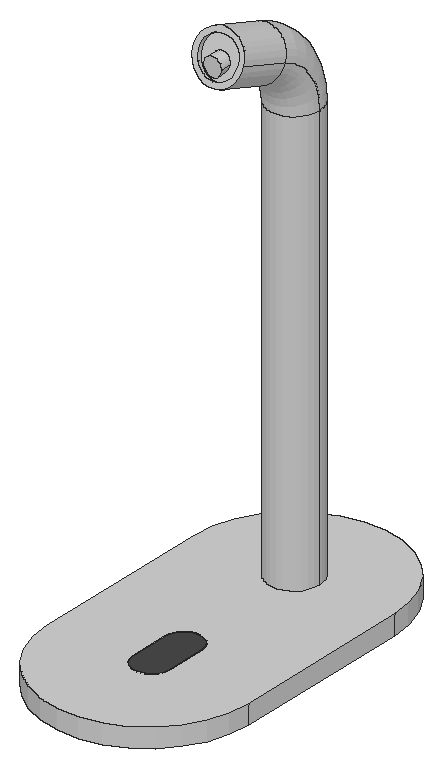
Revit family "LIANO II WM ELEC SOAP DIS SALES KIT", category Specialty Equipment, host Face, Revit 2019
Family settings
  Host = Face
  Round Connector Dimension = Use Radius
  Part Type = Normal
  OmniClass Number = 23.45.55.14
  OmniClass Title = Single Faucets
  Cut with Voids When Loaded = No
  Shared = No
  Room Calculation Point = No
Parameters (values of type "LIANO II WM ELEC SOAP DIS SALES KIT – Chrome")
  URL = "https://www.caroma.com.au/"
  Model = "96391C"
  Material_Sensor = GWA-Acrylic-Black
  Material_Base = GWA_Metal-Chrome
  Manufacturer = "GWA Bathrooms & Kitchens"  # constant formula
  Keynote = ""
  Description = "LIANO II WM ELEC SOAP DIS SALES KIT – Chrome"
  Default Elevation = 1000.00 mm
  CreatedBy_ANZRS = "GWA Bathrooms & Kitchens"  # constant formula
  Assembly Code = "C1030220"
Types (6, lengths in mm): name | Model | Material_Base | Description
  (no name) | "96391C" | GWA_Metal-Chrome | "LIANO II WM ELEC SOAP DIS SALES KIT – Chrome"
  LIANO II WM ELEC SOAP DIS SALES KIT – Chrome | "96391C" | GWA_Metal-Chrome | "LIANO II WM ELEC SOAP DIS SALES KIT – Chrome"
  LIANO II WM ELEC SOAP DIS SALES KIT – Matte Black | "96391B" | GWA-Metal-Black | "LIANO II WM ELEC SOAP DIS SALES KIT – Matte Black"
  LIANO II WM ELEC SOAP DIS SALES KIT – Brushed Brass | "96391BB" | GWA_Metal-Brushed-Brass | "LIANO II WM ELEC SOAP DIS SALES KIT – Brushed Brass"
  LIANO II WM ELEC SOAP DIS SALES KIT – Gunmetal | "96391GM" | GWA-Metal-Gunmetal Grey | "LIANO II WM ELEC SOAP DIS SALES KIT – Gunmetal"
  LIANO II WM ELEC SOAP DIS SALES KIT – Brushed Nickel | "96391BN" | GWA_Metal-Brushed-Nickel | "LIANO II WM ELEC SOAP DIS SALES KIT – Brushed Nickel"
Reference planes
  plane 1 "Center (Front/Back)": y = 0
  plane 2: z = 0
  plane 3 "Center (Left/Right)": x = 0
  plane 4 "OutletEnd": through (0, -23.506, 150.278) normal (0, 0.9397, -0.342)
Forms (mm)
  Extrusion 1, solid, material "GWA_Metal-Chrome" <- "Material_Base"
    sketch origin (0, 0, 0) x (1, 0, 0) y (0, 1, 0)
      loop
        arc (-27.5, -50) -> (0, -77.5) -> (27.5, -50) r 27.5
        line (27.5, -50) -> (27.5, 0)
        arc (27.5, 0) -> (0, 27.5) -> (-27.5, 0) r 27.5
        line (-27.5, 0) -> (-27.5, -50)
      loop
        arc (-5, -49) -> (0, -54) -> (5, -49) r 5
        line (5, -49) -> (5, -38)
        arc (5, -38) -> (0, -33) -> (-5, -38) r 5
        line (-5, -38) -> (-5, -49)
    from 0 to 5.2
  Sweep 2, solid, material "GWA_Metal-Chrome" <- "Material_Base"
    path origin (0, 0, 0) x (0, 1, 0) y (0, 0, 1)
      loop
        line (0, 5.2) -> (0, 121.669)
        arc (0, 121.669) -> (-3.255, 131.994) -> (-11.844, 138.584) r 18
        line (-11.844, 138.584) -> (-25.9, 143.7)
    profile origin (0, 0, 63.435) x (0, -1, 0) y (1, 0, 0)
      loop
        circle (0, 0) r 7
  Extrusion 3, solid, material "GWA_Metal-Chrome" <- "Material_Base"
    sketch origin (0, 0, -1.5) x (1, 0, 0) y (0, 0, 1)
      loop
        circle (0, 143.7) r 2.5
    from 24 to 27.9
  Extrusion 4, void
    sketch origin (0, -69.055, 25.134) x (0, 0.34202, 0.939693) y (1, 0, 0)
      loop
        circle (126.176, 0) r 5.5
    from -1 to 1
  Extrusion 5, solid, material "GWA-Acrylic-Black" <- "Material_Sensor"
    sketch origin (0, 0, 0) x (1, 0, 0) y (0, 1, 0)
      loop
        arc (5, -38) -> (0, -33) -> (-5, -38) r 5
        line (-5, -38) -> (-5, -49)
        arc (-5, -49) -> (0, -54) -> (5, -49) r 5
        line (5, -49) -> (5, -38)
    from 0 to 5.2
Cuts and joins
  Extrusion 4 cuts Sweep 2
  joined: Sweep 2, Extrusion 3
Lines and regions (mm)
  Masking region 1
    outline origin (0, 0, 0) x (1, 0, 0) y (0, 1, 0)
      loop
        arc (27.5, 0) -> (0, 27.5) -> (-27.5, 0) r 27.5
        line (-27.5, 0) -> (-27.5, -50)
        arc (-27.5, -50) -> (0, -77.5) -> (27.5, -50) r 27.5
        line (27.5, -50) -> (27.5, 0)
  Masking region 2
    outline origin (-50, 0, 0) x (0, 0, -1) y (0, -1, 0)
      loop
        line (-5.2, 77.5) -> (-5.2, 7) -> (-121.669, 7)
        arc (-121.669, 7) -> (-127.979, 8.989) -> (-132.006, 14.238) r 11
        line (-132.006, 14.238) -> (-137.122, 28.294) -> (-139.7, 27.356) -> (-139.7, 28.156) -> (-144.7, 28.156) -> (-144.7, 25.536) -> (-150.278, 23.506) -> (-145.162, 9.449)
        arc (-145.162, 9.449) -> (-136.009, -2.479) -> (-121.669, -7) r 25
        line (-121.669, -7) -> (-5.2, -7) -> (-5.2, -27.5) -> (0, -27.5) -> (0, 77.5) -> (-5.2, 77.5)
  Masking region 3
    outline origin (0, 0, 0) x (1, 0, 0) y (0, 0, 1)
      loop
        line (7, 5.2) -> (7, 143.7)
        spline (7, 143.7) -> (6.761, 145.402) -> (6.062, 146.989) -> (4.95, 148.351) -> (3.5, 149.397) -> (1.812, 150.054) -> (0, 150.278) -> (-1.812, 150.054) -> (-3.5, 149.397) -> (-4.95, 148.351) -> (-6.062, 146.989) -> (-6.761, 145.402) -> (-7, 143.7)
        line (-7, 143.7) -> (-7, 5.2) -> (-27.5, 5.2) -> (-27.5, 0) -> (27.5, 0) -> (27.5, 5.2) -> (7, 5.2)
  symbolic lines
    curve 1: arc (27.5, 0, 0) -> (0, 27.5, 0) -> (-27.5, 0, 0) r 27.5
    curve 2: line (-27.5, 0, 0) -> (-27.5, -50, 0)
    curve 3: arc (-27.5, -50, 0) -> (0, -77.5, 0) -> (27.5, -50, 0) r 27.5
    curve 4: line (27.5, -50, 0) -> (27.5, 0, 0)
    curve 5: arc (-7, 0, 0) -> (0, 7, 0) -> (7, 0, 0) r 7
    curve 6: spline (7, -25.9, 0) -> (6.761, -25.28, 0) -> (6.062, -24.703, 0) -> (4.95, -24.207, 0) -> (3.5, -23.827, 0) -> (1.812, -23.587, 0) -> (0, -23.506, 0) -> (-1.812, -23.587, 0) -> (-3.5, -23.827, 0) -> (-4.95, -24.207, 0) -> (-6.062, -24.703, 0) -> (-6.761, -25.28, 0) -> (-7, -25.9, 0)
    curve 7: spline (-7, -25.9, 0) -> (-6.761, -26.52, 0) -> (-6.062, -27.097, 0) -> (-4.95, -27.593, 0) -> (-3.5, -27.973, 0) -> (-1.812, -28.213, 0) -> (0, -28.294, 0) -> (1.812, -28.213, 0) -> (3.5, -27.973, 0) -> (4.95, -27.593, 0) -> (6.062, -27.097, 0) -> (6.761, -26.52, 0) -> (7, -25.9, 0)
    curve 8: spline (-2.482, -25.327, 0) -> (-2.398, -25.108, 0) -> (-2.15, -24.903, 0) -> (-1.755, -24.727, 0) -> (-1.241, -24.592, 0) -> (-0.642, -24.507, 0) -> (0, -24.478, 0) -> (0.642, -24.507, 0) -> (1.241, -24.592, 0) -> (1.755, -24.727, 0) -> (2.15, -24.903, 0) -> (2.398, -25.108, 0) -> (2.482, -25.327, 0)
    curve 9: spline (-2.5, -27.576, 0) -> (-3.519, -27.346, 0) -> (-4.365, -27.044, 0) -> (-4.996, -26.687, 0) -> (-5.38, -26.29, 0) -> (-5.5, -25.875, 0) -> (-5.348, -25.46, 0) -> (-4.932, -25.068, 0) -> (-4.274, -24.716, 0) -> (-3.404, -24.423, 0) -> (-2.367, -24.202, 0) -> (-1.214, -24.065, 0) -> (0, -24.019, 0)
    curve 10: spline (0, -24.019, 0) -> (1.214, -24.065, 0) -> (2.367, -24.202, 0) -> (3.404, -24.423, 0) -> (4.274, -24.716, 0) -> (4.932, -25.068, 0) -> (5.348, -25.46, 0) -> (5.5, -25.875, 0) -> (5.38, -26.29, 0) -> (4.996, -26.687, 0) -> (4.365, -27.044, 0) -> (3.519, -27.346, 0) -> (2.5, -27.576, 0)
    curve 11: line (-2.5, -27.9, 0) -> (2.5, -27.9, 0)
    curve 12: arc (5, -38, 0) -> (0, -33, 0) -> (-5, -38, 0) r 5
    curve 13: line (-5, -38, 0) -> (-5, -49, 0)
    curve 14: arc (-5, -49, 0) -> (0, -54, 0) -> (5, -49, 0) r 5
    curve 15: line (5, -49, 0) -> (5, -38, 0)
    curve 16: line (-2.5, -27.9, 0) -> (-2.5, -25.327, 0)
    curve 17: line (2.5, -27.9, 0) -> (2.5, -25.327, 0)
    curve 18: line (7, 0, 0) -> (7, -25.9, 0)
    curve 19: line (-7, 0, 0) -> (-7, -25.9, 0)
    curve 20: line (-50, -77.5, 5.2) -> (-50, 27.5, 5.2)
    curve 21: line (-50, -77.5, 0) -> (-50, -77.5, 5.2)
    curve 22: line (-50, 27.5, 0) -> (-50, -77.5, 0)
    curve 23: line (-50, 27.5, 5.2) -> (-50, 27.5, 0)
    curve 24: line (-50, -23.506, 150.278) -> (-50, -28.294, 137.122)
    curve 25: line (-50, -28.156, 144.7) -> (-50, -28.156, 139.7)
    curve 26: line (-50, -28.156, 144.7) -> (-50, -25.536, 144.7)
    curve 27: line (-50, -28.156, 139.7) -> (-50, -27.356, 139.7)
    curve 28: line (-50, -23.506, 150.278) -> (-50, -9.449, 145.162)
    curve 29: line (-50, -28.294, 137.122) -> (-50, -14.238, 132.006)
    curve 30: arc (-50, -14.238, 132.006) -> (-50, -8.989, 127.979) -> (-50, -7, 121.669) r 11
    curve 31: arc (-50, -9.449, 145.162) -> (-50, 2.479, 136.009) -> (-50, 7, 121.669) r 25
    curve 32: line (-50, 7, 121.669) -> (-50, 7, 5.2)
    curve 33: line (-50, -7, 121.669) -> (-50, -7, 5.2)
    curve 34: line (27.5, 0, 5.2) -> (-27.5, 0, 5.2)
    curve 35: line (27.5, 0, 0) -> (27.5, 0, 5.2)
    curve 36: line (-27.5, 0, 0) -> (27.5, 0, 0)
    curve 37: line (-27.5, 0, 5.2) -> (-27.5, 0, 0)
    curve 38: spline (7, 0, 143.7) -> (6.761, 0, 145.402) -> (6.062, 0, 146.989) -> (4.95, 0, 148.351) -> (3.5, 0, 149.397) -> (1.812, 0, 150.054) -> (0, 0, 150.278) -> (-1.812, 0, 150.054) -> (-3.5, 0, 149.397) -> (-4.95, 0, 148.351) -> (-6.062, 0, 146.989) -> (-6.761, 0, 145.402) -> (-7, 0, 143.7)
    curve 39: line (7, 0, 5.2) -> (7, 0, 143.7)
    curve 40: line (-7, 0, 5.2) -> (-7, 0, 143.7)
Dimensions and locks
  aligned and locked: plane 2 to host face
  aligned and locked: level to host face
